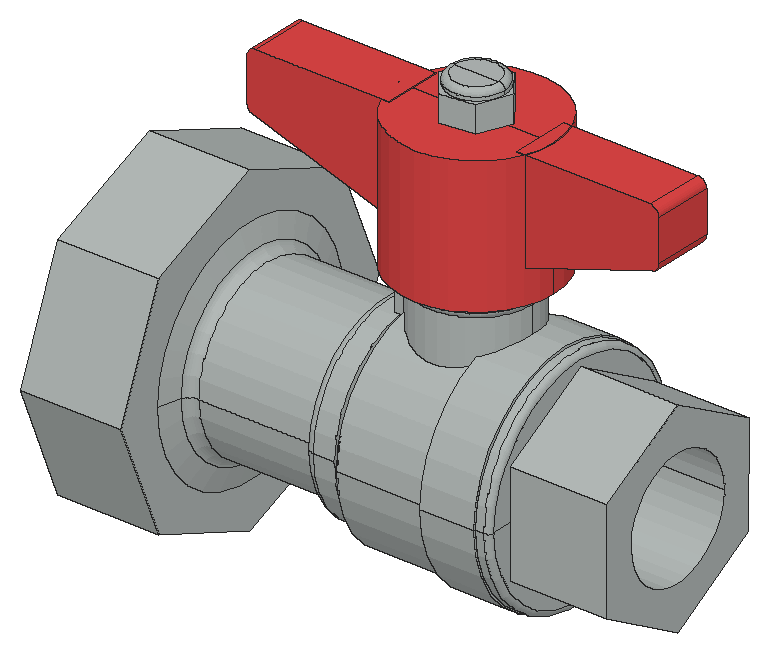
Revit family "QD05400000", category Apparecchi idraulici, Revit 2020
Family settings
  Quota connettore circolare = Usa diametro
  Tipo di parte = Normale
  Numero OmniClass = 23.45.00.00
  Titolo OmniClass = Sanitary, Laundry, and Cleaning Equipment
  Basato su piano di lavoro = No
  Sempre verticale = Sì
  Taglio con vuoti quando caricato = No
  Condiviso = No
  Punto di calcolo locali = No
Parameters
  URL = "https://web.cimberio.it/index.php/figura/430?subcategoria_id=43528"
  Temperatura di esercizio = "n"
  Prospetto di default = 0 mm
  Produttore = "CIMBERIO SPA"
  Pressione nominale = "PN 32"
  Modello = "Cim 353"
  Materiale = "Prodotto in lega di ottone conforme alla norma EN 12165-CW617N-DW"
  Descrizione = "Utilizzato nei più svariati settori dell'impiantistica: impianti di riscaldamento, condizionamento, idrici, igienico-sanitari, aria compressa e in generale con ogni fluido non corrosivo"
  DN Model [instance] = QD05402131 : QD05402131
  DN [instance] = 20 mm  # constant formula
  Commenti sul tipo = "Realizzato in ottemperanza ai requisiti gestionali della norma EN ISO 9001.\r\nCollaudato al 100% secondo la normativa EN 12266-1"
Reference planes
  plane 1 "Centro (Fronte/Retro)": y = 0
  plane 2: z = 0
  plane 3 "Centro (Sinistra/Destra)": x = 0
Dimensions and locks
  aligned and locked: level to plane 2
Nested families
  nested 1: "QD05402131" at (0, 0, 0), type <- "DN Model", type "QD05402131"
  nested 2: "QD05402131" at (0, 0, 0), type <- "DN Model", type "QD05402131"
Connectors
  piping at (34.1, 0, 0), diameter 20, driven by "DN"
    settings: on nested 1, index 1, connector inside diameter 609.6 mm, connector length 0 mm, flow factor 0, pipe flow 0.0 L/s, pressure drop 0.0 Pa, fitting loss kfactor 0, connector angle 0.00°, fixture units 0, engagement length 0 mm, angle of deflection 0.00°, flow configuration 0, flow direction 0, fitting loss method 0, system type 7, joint type 0, gender type 0, connector reference index -1, connector utility 0, adjustable connector no, is connector primary yes, connector description ""
  piping at (-55.5, 0, 0), diameter 20, driven by "DN"
    settings: on nested 1, index 2, connector inside diameter 609.6 mm, connector length 0 mm, flow factor 0, pipe flow 0.0 L/s, pressure drop 0.0 Pa, fitting loss kfactor 0, connector angle 0.00°, fixture units 0, engagement length 0 mm, angle of deflection 0.00°, flow configuration 0, flow direction 0, fitting loss method 0, system type 7, joint type 0, gender type 0, connector reference index -1, connector utility 0, adjustable connector no, is connector primary no, connector description ""
Definition of nested family "QD05402131"
  Parameters (values of type "QD05402131")
    URL = "https://web.cimberio.it/index.php/figura/394?subcategoria_id="
    Temperatura di esercizio = "-10 ÷ 95°C"
    Default Elevation = 0 mm
    Manufacturer = "CIMBERIO SPA"
    Pressione nominale = "PN 16"
    Model = "Cim 32"
    Materiale = "Prodotto in lega di ottone conforme alla norma EN 12165-CW617N-DW"
    Description = "Impiegato nei più svariati settori dell'impiantistica in condutture anti-ritorno per: reti di distribuzione acqua potabile, impianti di riscaldamento, condizionamento, igienico-sanitari e in generale con ogni fluido non corrosivo."
    DN [instance] = 50 mm
    Type Comments = "Realizzato in ottemperanza ai requisiti gestionali della norma EN ISO 9001.\r\nCollaudato al 100% secondo la normativa EN 12266-1"
  Reference planes
    plane 1 "Centro (Fronte/Retro)": y = 0
    plane 2: z = 0
    plane 3 "Centro (Sinistra/Destra)": x = 0
  Forms (mm)
    Revolve 1, solid
      sketch origin (0, 0, 0) x (1, 0, 0) y (0, 0, 1)
        loop
          line (9.481, 13.962) -> (9.5, 23.95)
          arc (9.5, 23.95) -> (9.866, 24.316) -> (10, 24.816) r 1
          line (10, 24.816) -> (10, 32.689) -> (4.939, 32.689) -> (4.939, 13.962) -> (9.481, 13.962)
        axis (-0.061, 13.962) -> (-0.061, 32.689)
      angle from 0 to 360
    Revolve 2, solid
      sketch origin (0, 0, 0) x (1, 0, 0) y (0, 0, 1)
        loop
          line (13.134, 49.75) -> (0, 49.75) -> (0, 26.75) -> (13.134, 26.75) -> (13.134, 49.75)
        axis (0, 26.75) -> (0, 49.75)
      angle from 0 to 360
    Revolve 3, solid
      sketch origin (0, 0, -0.546) x (1, 0, 0) y (0, 0, 1)
        loop
          line (3.75, 56.3) -> (0, 56.3) -> (0, 54.234) -> (4.75, 54.234) -> (4.75, 55.3)
          arc (4.75, 55.3) -> (4.457, 56.007) -> (3.75, 56.3) r 1
        axis (0, 56.3) -> (0, 54.234)
      angle from 0 to 360
    Extrusion 4, solid
      sketch origin (0, 0, 0) x (0.872091, -0.489344, 0) y (0.489344, 0.872091, 0)
        loop
          line (4.613, 3.476) -> (-0.704, 5.733) -> (-5.317, 2.257) -> (-4.613, -3.476) -> (0.704, -5.733) -> (5.317, -2.257) -> (4.613, 3.476)
      from 49.75 to 54.234
    Revolve 5, solid
      sketch origin (0, 0, 0) x (-1, 0, 0) y (0, -1, 0)
        loop
          line (-15.1, -19.25) -> (-15.1, -10) -> (-17.6, -10) -> (-17.6, -18.25)
          arc (-17.6, -18.25) -> (-17.307, -18.957) -> (-16.6, -19.25) r 1
          line (-16.6, -19.25) -> (-15.1, -19.25)
        axis (-17.6, 0) -> (-15.1, 0)
      angle from 0 to 360
    Revolve 6, solid
      sketch origin (0, 0, 0) x (-1, 0, 0) y (0, -1, 0)
        loop
          line (-15.1, -16.403) -> (-15.1, -19.5) -> (-6, -19.5) -> (-6, -18.5) -> (9, -18.5) -> (11, -16.5) -> (14.5, -16.5)
          arc (14.5, -16.5) -> (15.561, -16.061) -> (16, -15) r 1.5
          line (16, -15) -> (16, -10) -> (-15.1, -10) -> (-15.1, -16.403)
        axis (-15.1, 0) -> (16, 0)
      angle from 0 to 360
    Revolve 7, solid
      sketch origin (0, 0, 0) x (-1, 0, 0) y (0, -1, 0)
        loop
          line (38.5, -19.75) -> (38.5, -10) -> (16, -10) -> (16, -14.5) -> (35.559, -14.5)
          arc (35.559, -14.5) -> (36.776, -14.913) -> (37.49, -15.982) r 2
          line (37.49, -15.982) -> (38.5, -19.75)
        axis (38.5, 0) -> (16, 0)
      angle from 0 to 360
    Extrusion 8, solid
      sketch origin (0, 0, 0) x (0, 1, 0) y (0, 0, -1)
        loop
          line (0, -17.35) -> (15.026, -8.675) -> (15.026, 8.675) -> (0, 17.35) -> (-15.026, 8.675) -> (-15.026, -8.675) -> (0, -17.35)
        loop
          circle (0, 0) r 10
      from -34.1 to -17.6
    Extrusion 9, solid
      sketch origin (0, 0, 0) x (0, 1, 0) y (0, 0, -1)
        loop
          circle (0, 0) r 10
        loop
          line (0, -27.45) -> (19.41, -19.41) -> (27.45, 0) -> (19.41, 19.41) -> (0, 27.45) -> (-19.41, 19.41) -> (-27.45, 0) -> (-19.41, -19.41) -> (0, -27.45)
      from 38.5 to 55.5
    Extrusion 10, solid
      sketch origin (0, 0, 0) x (-1, 0, 0) y (0, 0, -1)
        loop
          line (14, -30.25) -> (14, -25.105) -> (12, -23.95) -> (12, -16.076) -> (8.014, -16.076) -> (8.014, -30.25) -> (14, -30.25)
      from -2.361 to 2.361
    Extrusion 11, solid
      sketch origin (0, 0, 0) x (1, 0, 0) y (0, 0, 1)
        loop
          arc (-33.5, 49.75) -> (-34.561, 49.311) -> (-35, 48.25) r 1.5
          line (-35, 48.25) -> (-35, 41.177)
          arc (-35, 41.177) -> (-34.714, 40.295) -> (-33.964, 39.75) r 1.5
          line (-33.964, 39.75) -> (-12.42, 32.75) -> (-10.874, 32.75) -> (-10.874, 49.75) -> (-33.5, 49.75)
        loop
          line (33.5, 49.75) -> (10.874, 49.75) -> (10.874, 32.75) -> (12.42, 32.75) -> (33.964, 39.75)
          arc (33.964, 39.75) -> (34.714, 40.295) -> (35, 41.177) r 1.5
          line (35, 41.177) -> (35, 48.25)
          arc (35, 48.25) -> (34.561, 49.311) -> (33.5, 49.75) r 1.5
      from -5 to 5
  Dimensions and locks
    aligned and locked: level to plane 2
